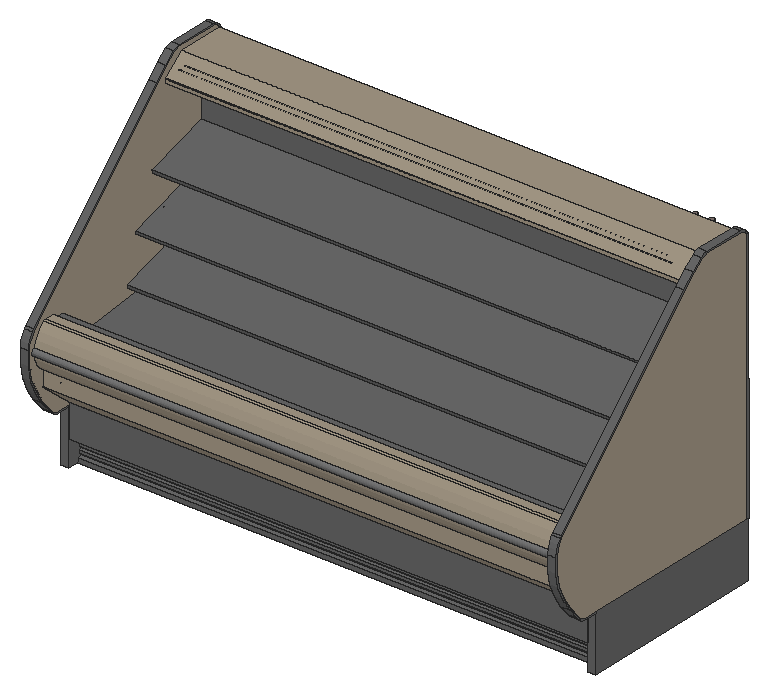
Revit family "O3.25UM_NRG -All - Linked Data", category Mechanical Equipment, Revit 2019
Family settings
  Round Connector Dimension = Use Radius
  Part Type = Normal
  OmniClass Number = 23.40.40.11.17
  OmniClass Title = Refrigerated Cases
  Work Plane-Based = Yes
  Always vertical = Yes
  Cut with Voids When Loaded = No
  Shared = No
  Room Calculation Point = No
Parameters (values of type "08' Dairy / Deli / Produce")
  Width = 43 1/4"  # constant formula
  URL = "http://www.hillphoenix.com/?s=o3.25um"
  TOP REFRIGERATION PIPING = yes
  TOP ELECTRICAL = yes
  Standard Power Watts = 23.8 W
  Standard Power Amps = 0.2 A
  Shelf distance = 48"
  STAINLESS STEEL = GALVANIZED STEEL
  Refgn = 12 3/8"
  RT STD END = yes
  REFRIGERATION PIPING = COPPER PIPE
  RUBBER BUMPER [instance] = BLACK
  REAR REFRIGERATION PIPING = yes
  PAINTED METAL UPPER SHELF = PAINTED SHELVES
  PAINTED METAL INTERIOR [instance] = GALVANIZED STEEL
  PAINTED METAL EXTERIOR [instance] = CHARCOAL BROWN
  Number of Shelf = 3
  Number of Fans = 2
  Model = "O3.25UM-NRG"  # constant formula
  Manufacturer = "HILL PHOENIX"  # constant formula
  Lights Per Row = 2
  Light Length = 48"
  Length = 96"
  Legend Number = Model  # "O3.25UM-NRG"
  LF STD END = yes
  Keynote = ""  # constant formula
  Item Description = Description  # "Multi-Deck Merchandiser with Synerg-E™"
  Island Timed-Off Termination Temp (°F) = 42 °F  # constant formula
  Island Timed-Off Fail-Safe (Min) = "30 (Min)"  # constant formula
  Island Superheat @ Bulb Set Point (°F) = "6-8 °F"  # constant formula
  Island Front Sill Height = "All"
  Island Evaporator (°F) = 28 °F
  Island Discharge Air(°F) = 31 °F
  Island Discharge Air Velocity (FPM) = 150 FPM  # constant formula
  Island BTUH Parallel = 840
  Island BTUH Conventional = 960
  Island Application = "Dairy / Deli / Produce"
  How Many Defrosts Per Day = 6  # constant formula
  High Power (Cornice) Watts = 43 W
  High Power (Cornice) Amps = 36 A
  High Efficiency Watts = 28 W
  High Efficiency Amps = 0.4 A
  Height = 57 7/8"  # constant formula
  GLASS = Glass
  Ends = yes
  EQUIPMENT MARK = Legend Number  # "O3.25UM-NRG"
  EQUIPMENT DESCRIPTION = Item Description  # "Multi-Deck Merchandiser with Synerg-E™"
  Description = "Multi-Deck Merchandiser with Synerg-E™"  # constant formula
  Default Elevation = 48"
  DRAIN PIPING = yes
  DESIGNERS NAME = "SHIDDRAMESH"  # constant formula
  DATE = "03/29/2016"  # constant formula
  Certifications = "NSF 7, UL471, CSA"  # constant formula
  DRAIN LINE = 48"
  BOTTOM REFRIGERATION PIPING = yes
  BOTTOM ELECTRICAL = yes
  BASE [instance] = BLACK PAINTED METAL
  Assembly Code = ""
  16" Shelf = yes
  14" Shelf = yes
  12" Shelf = yes
Types (9): name | Standard Power Watts | Standard Power Amps | Shelf distance | Refgn | Number of Fans | Lights Per Row | Light Length | Length | Island Front Sill Height | Island Evaporator (°F) | Island Discharge Air(°F) | Island BTUH Parallel | Island BTUH Conventional | Island Application | High Power (Cornice) Watts | High Power (Cornice) Amps | High Efficiency Watts | High Efficiency Amps | DRAIN LINE
  04' | 0 W | 0 A | 36" | 22 3/4" | 0 | 0 | 0" | 48" | "All" | 28 °F | 31 °F | 840 | 960 | "Dairy / Deli / Produce" | 0 W | 0 A | 0 W | 0 A | 36"
  06' | 0 W | 0 A | 36" | 28 5/8" | 0 | 0 | 0" | 72" | "All" | 28 °F | 31 °F | 840 | 960 | "Dairy / Deli / Produce" | 0 W | 0 A | 0 W | 0 A | 36"
  08' | 0 W | 0 A | 48" | 28 5/8" | 0 | 0 | 0" | 96" | "All" | 28 °F | 31 °F | 840 | 960 | "Dairy / Deli / Produce" | 0 W | 0 A | 0 W | 0 A | 48"
  12' | 0 W | 0 A | 48" | 28 5/8" | 0 | 0 | 0" | 144" | "All" | 28 °F | 31 °F | 840 | 960 | "Dairy / Deli / Produce" | 0 W | 0 A | 0 W | 0 A | 72"
  04' Dairy / Deli / Produce | 11.9 W | 0.1 A | 36" | 12 3/8" | 1 | 1 | 48" | 48" | "All" | 28 °F | 31 °F | 840 | 960 | "Dairy / Deli / Produce" | 21.5 W | 0.18 A | 14 W | 0.2 A | 36"
  06' Dairy / Deli / Produce | 16.6 W | 0.14 A | 36" | 12 3/8" | 2 | 2 | 36" | 72" | "All" | 28 °F | 31 °F | 840 | 960 | "Dairy / Deli / Produce" | 29.8 W | 0.25 A | 28 W | 0.4 A | 36"
  08' Dairy / Deli / Produce | 23.8 W | 0.2 A | 48" | 12 3/8" | 2 | 2 | 48" | 96" | "All" | 28 °F | 31 °F | 840 | 960 | "Dairy / Deli / Produce" | 43 W | 36 A | 28 W | 0.4 A | 48"
  12' Dairy / Deli / Produce | 35.7 W | 0.3 A | 48" | 12 3/8" | 3 | 3 | 48" | 144" | "All" | 28 °F | 31 °F | 840 | 960 | "Dairy / Deli / Produce" | 64.5 W | 0.54 A | 42 W | 0.6 A | 72"
  06' Meat | 16.6 W | 0.14 A | 36" | 28 5/8" | 2 | 2 | 36" | 72" | "Extended" | 26 °F | 30 °F | 830 | 949 | "Meat" | 29.8 W | 0.25 A | 28 W | 0.4 A | 36"
Reference planes (in)
  plane 1: z = 0.01963
  plane 2 "LEFT": x = 0
  plane 3 "CASE RIGHT": x = 96
  plane 4: z = 0
  plane 5: y = -15.80744
  plane 6: x = 97.5
  plane 7: x = 48
  plane 8: y = -59.05744
  plane 9: y = -28.18244
  plane 10: z = 57.875
  plane 11: z = 26.13417
  plane 12: through (-240, -28.36173, 54.2275) normal (0, 0.7071, 0.7071)
  plane 13: through (-240, -52.20319, 26.49613) normal (0, 0.7071, 0.7071)
  plane 14: z = 50.87177
  plane 15: z = 22.24677
Forms (in)
  Extrusion 1, solid, material "BLACK PAINTED METAL" <- "BASE"
    sketch origin (0, 0, 0) x (0, 1, 0) y (0, 0, 1)
      loop
        line (-15.80744, 0) -> (-15.80744, 11) -> (-47.53803, 11) -> (-47.53803, 0) -> (-45.69085, 0) -> (-45.69085, 2.94807) -> (-17.58744, 2.94807) -> (-17.58744, 0) -> (-15.80744, 0)
    from 0 to 96
  Extrusion 2, solid, material "CHARCOAL BROWN" <- "PAINTED METAL EXTERIOR"
    sketch origin (0, 0, 5.875) x (0, 1, 0) y (0, 0, 1)
      loop
        line (-17.80744, 50.17213) -> (-17.80744, 13.8096)
        arc (-17.80744, 13.8096) -> (-19.66972, 9.97927) -> (-23.598, 8.33364) r 6.03269
        line (-23.598, 8.33364) -> (-41.10205, 7.70434) -> (-43.19307, 6.18536) -> (-45.82363, 6.18536) -> (-48.10885, 7.45214)
        arc (-48.10885, 7.45214) -> (-52.38279, 9.03493) -> (-54.31151, 13.16433) r 6
        line (-54.31151, 13.16433) -> (-54.31151, 15.37312) -> (-56.31972, 15.37312) -> (-56.31972, 10.07189) -> (-50.42424, 5.125) -> (-15.80744, 5.125) -> (-15.80744, 50.17213) -> (-17.80744, 50.17213)
    from 0 to 96
  Extrusion 3, solid, material "GALVANIZED STEEL" <- "PAINTED METAL INTERIOR"
    sketch origin (0, 0, 5.875) x (0, 1, 0) y (0, 0, 1)
      loop
        arc (-19.82193, 18.53519) -> (-19.97069, 18.17606) -> (-20.32982, 18.0273) r 0.50789
        line (-20.32982, 18.0273) -> (-23.58275, 17.79983) -> (-23.59709, 18.00487) -> (-50.89707, 14.73431) -> (-51.11131, 14.65787) -> (-52.07193, 14.65787) -> (-52.07193, 20.48987) -> (-54.31151, 20.48987) -> (-54.31151, 13.16433)
        arc (-54.31151, 13.16433) -> (-52.37575, 9.02845) -> (-48.08972, 7.45284) r 6
        line (-48.08972, 7.45284) -> (-45.80324, 6.18536) -> (-43.17269, 6.18536) -> (-41.08167, 7.70434) -> (-23.59774, 8.33365)
        arc (-23.59774, 8.33365) -> (-19.66963, 9.97936) -> (-17.80744, 13.8096) r 6.03269
        line (-17.80744, 13.8096) -> (-17.80744, 16.37177) -> (-19.82193, 16.37177) -> (-19.82193, 18.53519)
    from 0 to 96
  Extrusion 4, solid, material "CHARCOAL BROWN" <- "PAINTED METAL EXTERIOR", visible <- "TOP REFRIGERATION PIPING"
    sketch origin (0, 0, 5.875) x (1, 0, 0) y (0, 1, 0)
      loop
        line (93, -15.80744) -> (93, -12.80744) -> (81, -12.80744) -> (81, -15.80744) -> (81.125, -15.80744) -> (81.125, -12.93244) -> (92.875, -12.93244) -> (92.875, -15.80744) -> (93, -15.80744)
    from 20.05479 to 49.38425
  Extrusion 5, solid, material "COPPER PIPE" <- "REFRIGERATION PIPING", visible <- "TOP REFRIGERATION PIPING"
    sketch origin (0, 0, 5.875) x (1, 0, 0) y (0, 1, 0)
      loop
        circle (87.125, -14.43244) r 0.375
      loop
        circle (90.125, -14.43244) r 0.5
    from 36.946 to 51.0895
  Extrusion 6, solid, material "BLACK PAINTED METAL" <- "BASE"
    sketch origin (0, -10.19973, -0.05412) x (0, 1, 0) y (0, 0, 1)
      loop
        line (-37.33829, 0.05412) -> (-37.33829, 6.06125) -> (-37.33829, 11.05412) -> (-40.22451, 11.05412) -> (-40.22451, 4.80412) -> (-37.51212, 4.80412)
        arc (-37.51212, 4.80412) -> (-37.6806, 4.58577) -> (-37.94668, 4.51326) r 0.43342
        line (-37.94668, 4.51326) -> (-37.94668, 4.00939) -> (-37.8698, 4.00939) -> (-37.45101, 4.08936) -> (-37.58838, 3.65476)
        arc (-37.58838, 3.65476) -> (-37.72442, 3.42905) -> (-37.9483, 3.29) r 0.56287
        line (-37.9483, 3.29) -> (-37.9483, 2.79) -> (-37.8698, 2.79) -> (-37.45101, 2.87496) -> (-37.58838, 2.43538)
        arc (-37.58838, 2.43538) -> (-37.72411, 2.20936) -> (-37.9483, 2.07063) r 0.55931
        line (-37.9483, 2.07063) -> (-37.9483, 1.57063) -> (-37.8698, 1.57063) -> (-37.45101, 1.65558) -> (-37.58838, 1.216)
        arc (-37.58838, 1.216) -> (-37.79235, 0.93603) -> (-38.12451, 0.83776) r 0.5396
        line (-38.12451, 0.83776) -> (-38.12451, 0.05412) -> (-37.33829, 0.05412)
    from 0 to 96
  Extrusion 7, solid, material "CHARCOAL BROWN" <- "PAINTED METAL EXTERIOR"
    sketch origin (0, -14.13723, 5.82088) x (0, 1, 0) y (0, 0, 1)
      loop
        line (-40.17428, 15.42724) -> (-40.17428, 20.54398) -> (-40.08842, 20.54398) -> (-40.08842, 21.30412) -> (-41.88342, 21.30412)
        arc (-41.88342, 21.30412) -> (-42.11934, 21.24969) -> (-42.32244, 21.1179) r 0.69761
        arc (-42.32244, 21.1179) -> (-43.67325, 19.42434) -> (-44.44614, 17.4006) r 7.05071
        arc (-44.44614, 17.4006) -> (-44.16727, 15.47655) -> (-43.17985, 13.80182) r 5.032
        line (-43.17985, 13.80182) -> (-42.18248, 13.80182) -> (-42.18248, 15.42724) -> (-40.17428, 15.42724)
    from 0 to 96
  Extrusion 8, solid, material "BLACK" <- "RUBBER BUMPER"
    sketch origin (0, -14.13796, 5.82088) x (0, 1, 0) y (0, 0, 1)
      loop
        arc (-44.37529, 17.69712) -> (-44.91948, 17.03227) -> (-44.38932, 16.35618) r 0.68704
        arc (-44.38932, 16.35618) -> (-44.44457, 16.87693) -> (-44.4454, 17.4006) r 5.032
        arc (-44.4454, 17.4006) -> (-44.41195, 17.54924) -> (-44.37529, 17.69712) r 7.05071
    from 0 to 96
  Extrusion 9, solid, material "GALVANIZED STEEL" <- "PAINTED METAL INTERIOR", visible <- "16" Shelf"
    sketch origin (0, 0, 17.72288) x (0, 1, 0) y (0, 0, 1)
      loop
        line (-19.82193, 12.03629) -> (-37.03542, 6.7736) -> (-36.87169, 6.23807) -> (-30.92951, 8.05478) -> (-30.83385, 7.94238) -> (-23.44344, 9.22627)
        arc (-23.44344, 9.22627) -> (-22.75154, 9.24918) -> (-22.07989, 9.08147) r 2.5
        line (-22.07989, 9.08147) -> (-21.24148, 8.7431)
        arc (-21.24148, 8.7431) -> (-20.90216, 8.67103) -> (-20.55864, 8.71922) r 1
        line (-20.55864, 8.71922) -> (-19.82193, 8.95823) -> (-19.82193, 12.03629)
    from 0 to 96
  Extrusion 10, solid, material "GALVANIZED STEEL" <- "PAINTED METAL INTERIOR", visible <- "12" Shelf"
    sketch origin (0, 0, 1.375) x (0, 1, 0) y (0, 0, 1)
      loop
        line (-19.82193, 40.02801) -> (-19.82193, 43.10705) -> (-31.29759, 39.59859) -> (-31.13386, 39.06306) -> (-28.91038, 39.74285) -> (-28.81473, 39.63045) -> (-23.39078, 40.31313)
        arc (-23.39078, 40.31313) -> (-22.69889, 40.33604) -> (-22.02724, 40.16833) r 2.5
        line (-22.02724, 40.16833) -> (-21.18883, 39.82996)
        arc (-21.18883, 39.82996) -> (-20.84951, 39.75789) -> (-20.50599, 39.80609) r 1
        line (-20.50599, 39.80609) -> (-19.82193, 40.02801)
    from 0 to 96
  Extrusion 11, solid, material "CHARCOAL BROWN" <- "PAINTED METAL EXTERIOR", visible <- "LF STD END"
    sketch origin (0, 0, 5.875) x (0, 1, 0) y (0, 0, 1)
      loop
        arc (-54.30554, 5.30373) -> (-53.53283, 4.71081) -> (-52.58194, 4.5) r 2.25
        line (-52.58194, 4.5) -> (-15.43244, 4.5) -> (-15.43244, 51.1826)
        arc (-15.43244, 51.1826) -> (-15.87178, 52.24326) -> (-16.93244, 52.6826) r 1.5
        line (-16.93244, 52.6826) -> (-24.68244, 52.6826)
        arc (-24.68244, 52.6826) -> (-25.28389, 52.51281) -> (-25.83448, 52.21714) r 2.87668
        line (-25.83448, 52.21714) -> (-27.71747, 50.69233)
        arc (-27.71747, 50.69233) -> (-28.83424, 49.73852) -> (-29.89955, 48.72758) r 28.05219
        line (-29.89955, 48.72758) -> (-58.20493, 20.4222)
        arc (-58.20493, 20.4222) -> (-58.31628, 20.2865) -> (-58.42638, 20.14979) r 19.17073
        arc (-58.42638, 20.14979) -> (-59.13014, 18.93938) -> (-59.45361, 17.57713) r 4.78731
        arc (-59.45361, 17.57713) -> (-58.8773, 12.34726) -> (-56.34554, 7.73491) r 13.5
        line (-56.34554, 7.73491) -> (-54.30554, 5.30373)
    from 0 to -1.5
  Extrusion 12, solid, material "BLACK PAINTED METAL" <- "BASE", visible <- "LF STD END"
    sketch origin (0, 0, 5.875) x (0, 1, 0) y (0, 0, 1)
      loop
        line (-54.30554, 5.30373) -> (-56.34554, 7.73491)
        arc (-56.34554, 7.73491) -> (-58.8773, 12.34726) -> (-59.45361, 17.57713) r 13.5
        arc (-59.45361, 17.57713) -> (-59.13014, 18.93938) -> (-58.42638, 20.14979) r 4.78731
        arc (-58.42638, 20.14979) -> (-58.31628, 20.2865) -> (-58.20493, 20.4222) r 19.17073
        line (-58.20493, 20.4222) -> (-29.89955, 48.72758)
        arc (-29.89955, 48.72758) -> (-28.83424, 49.73852) -> (-27.71747, 50.69233) r 28.05219
        line (-27.71747, 50.69233) -> (-25.83448, 52.21714)
        arc (-25.83448, 52.21714) -> (-25.28389, 52.51281) -> (-24.68244, 52.6826) r 2.87668
        line (-24.68244, 52.6826) -> (-16.93244, 52.6826)
        arc (-16.93244, 52.6826) -> (-15.87178, 52.24326) -> (-15.43244, 51.1826) r 1.5
        line (-15.43244, 51.1826) -> (-15.43244, 4.5) -> (-15.18244, 4.5) -> (-15.18244, 51.1826)
        arc (-15.18244, 51.1826) -> (-15.695, 52.42004) -> (-16.93244, 52.9326) r 1.75
        line (-16.93244, 52.9326) -> (-24.70284, 52.9326)
        arc (-24.70284, 52.9326) -> (-25.37236, 52.7467) -> (-25.98429, 52.41752) r 3.12668
        line (-25.98429, 52.41752) -> (-27.8748, 50.88662)
        arc (-27.8748, 50.88662) -> (-29.00152, 49.92431) -> (-30.07633, 48.90435) r 28.30219
        line (-30.07633, 48.90435) -> (-58.38996, 20.59072)
        arc (-58.38996, 20.59072) -> (-58.50656, 20.44876) -> (-58.6218, 20.3057) r 19.42073
        arc (-58.6218, 20.3057) -> (-59.36232, 19.03209) -> (-59.70268, 17.59869) r 5.03731
        arc (-59.70268, 17.59869) -> (-59.1157, 12.27198) -> (-56.53705, 7.57421) r 13.75
        line (-56.53705, 7.57421) -> (-54.49705, 5.14303)
        arc (-54.49705, 5.14303) -> (-53.63848, 4.48423) -> (-52.58194, 4.25) r 2.5
        line (-52.58194, 4.25) -> (-50.42424, 4.25) -> (-50.42424, 4.5) -> (-52.58194, 4.5)
        arc (-52.58194, 4.5) -> (-53.53283, 4.71081) -> (-54.30554, 5.30373) r 2.25
    from 0 to -1.5
  Extrusion 13, solid, material "BLACK PAINTED METAL" <- "BASE", visible <- "LF STD END"
    sketch origin (0, 0, 0) x (0, 1, 0) y (0, 0, 1)
      loop
        line (-50.42424, 10.375) -> (-50.42424, 0) -> (-15.18244, 0) -> (-15.18244, 10.375) -> (-50.42424, 10.375)
    from 0 to -1.5
  Extrusion 14, solid, material "CHARCOAL BROWN" <- "PAINTED METAL EXTERIOR", visible <- "RT STD END"
    sketch origin (115, 0, 5.875) x (0, 1, 0) y (0, 0, 1)
      loop
        arc (-54.30554, 5.30373) -> (-53.53283, 4.71081) -> (-52.58194, 4.5) r 2.25
        line (-52.58194, 4.5) -> (-15.43244, 4.5) -> (-15.43244, 51.1826)
        arc (-15.43244, 51.1826) -> (-15.87178, 52.24326) -> (-16.93244, 52.6826) r 1.5
        line (-16.93244, 52.6826) -> (-24.68244, 52.6826)
        arc (-24.68244, 52.6826) -> (-25.28389, 52.51281) -> (-25.83448, 52.21714) r 2.87668
        line (-25.83448, 52.21714) -> (-27.71747, 50.69233)
        arc (-27.71747, 50.69233) -> (-28.83424, 49.73852) -> (-29.89955, 48.72758) r 28.05219
        line (-29.89955, 48.72758) -> (-58.20493, 20.4222)
        arc (-58.20493, 20.4222) -> (-58.31628, 20.2865) -> (-58.42638, 20.14979) r 19.17073
        arc (-58.42638, 20.14979) -> (-59.13014, 18.93938) -> (-59.45361, 17.57713) r 4.78731
        arc (-59.45361, 17.57713) -> (-58.8773, 12.34726) -> (-56.34554, 7.73491) r 13.5
        line (-56.34554, 7.73491) -> (-54.30554, 5.30373)
    from -17.5 to -19
  Extrusion 15, solid, material "BLACK PAINTED METAL" <- "BASE", visible <- "RT STD END"
    sketch origin (115, 0, 0) x (0, 1, 0) y (0, 0, 1)
      loop
        line (-50.42424, 10.375) -> (-50.42424, 0) -> (-15.18244, 0) -> (-15.18244, 10.375) -> (-50.42424, 10.375)
    from -17.5 to -19
  Extrusion 16, solid, material "GALVANIZED STEEL" <- "PAINTED METAL INTERIOR", visible <- "14" Shelf"
    sketch origin (0, 0, -5.92745) x (0, 1, 0) y (0, 0, 1)
      loop
        line (-19.82193, 40.02801) -> (-19.82193, 43.10705) -> (-35.12281, 38.42911) -> (-34.95908, 37.89358) -> (-28.91038, 39.74285) -> (-28.81473, 39.63045) -> (-23.39078, 40.31313)
        arc (-23.39078, 40.31313) -> (-22.69889, 40.33604) -> (-22.02724, 40.16833) r 2.5
        line (-22.02724, 40.16833) -> (-21.18883, 39.82996)
        arc (-21.18883, 39.82996) -> (-20.84951, 39.75789) -> (-20.50599, 39.80609) r 1
        line (-20.50599, 39.80609) -> (-19.82193, 40.02801)
    from 0 to 96
  Extrusion 17, solid, material "GALVANIZED STEEL"
    sketch origin (0, 0, 9.875) x (0, 1, 0) y (0, 0, 1)
      loop
        line (-17.80744, 44.88417) -> (-19.82193, 44.88417) -> (-19.82193, 12.37177) -> (-17.80744, 12.37177) -> (-17.80744, 44.88417)
    from 0 to 96
  Extrusion 18, solid
    sketch origin (0, -9.0638, 13.86783) x (0, 1, 0) y (0, 0, 1)
      loop
        circle (-14.04788, 41.33455) r 0.5625
      loop
        circle (-15.51988, 41.33455) r 0.5625
    from 0 to 96
  Extrusion 19, solid, material "GALVANIZED STEEL" <- "PAINTED METAL INTERIOR"
    sketch origin (0, -5.33418, 12.3728) x (0, 1, 0) y (0, 0, 1)
      loop
        line (-15.1421, 42.53616) -> (-16.03819, 42.41717)
        arc (-16.03819, 42.41717) -> (-16.05872, 42.40528) -> (-16.06484, 42.38236) r 0.031
        line (-16.06484, 42.38236) -> (-16.02437, 42.07759) -> (-15.55467, 38.73549) -> (-15.51552, 38.45693) -> (-14.58714, 38.5874) -> (-15.1421, 42.53616)
    from 0 to 96
  Extrusion 20, solid, material "CHARCOAL BROWN" <- "PAINTED METAL EXTERIOR"
    sketch origin (0, -0.0013, 9.92963) x (0, 1, 0) y (0, 0, 1)
      loop
        line (-15.80614, 46.1175) -> (-15.80614, 47.94537) -> (-24.38075, 47.94537) -> (-28.15779, 44.88679) -> (-28.18114, 44.83782) -> (-28.18114, 44.11857) -> (-27.5874, 44.11857) -> (-27.5874, 44.19463) -> (-27.13478, 44.19463) -> (-27.09675, 44.20822) -> (-25.33935, 45.64822) -> (-25.31738, 45.69463) -> (-25.31738, 46.13263) -> (-25.28438, 46.16563) -> (-21.0809, 46.16563) -> (-20.13326, 45.03628) -> (-19.94451, 45.09458) -> (-19.86265, 44.82954) -> (-17.80614, 44.82954) -> (-17.80614, 46.1175) -> (-15.80614, 46.1175)
    from 0 to 96
  Extrusion 21, solid
    sketch origin (0, 0, 9.75) x (0, 1, 0) y (0, 0, 1)
      loop
        line (-19.87444, 44.91816) -> (-20.25663, 44.80012) -> (-20.36557, 45.15282)
        arc (-20.36557, 45.15282) -> (-20.39137, 45.18674) -> (-20.43297, 45.19599) r 0.062
        line (-20.43297, 45.19599) -> (-21.37645, 45.0707)
        arc (-21.37645, 45.0707) -> (-21.41752, 45.04693) -> (-21.42975, 45.00108) r 0.062
        line (-21.42975, 45.00108) -> (-21.38947, 44.69774) -> (-21.35874, 44.70183) -> (-21.39902, 45.00516)
        arc (-21.39902, 45.00516) -> (-21.3929, 45.02809) -> (-21.37237, 45.03997) r 0.031
        line (-21.37237, 45.03997) -> (-20.47628, 45.15896) -> (-19.92132, 41.2102) -> (-20.8497, 41.07973) -> (-20.88884, 41.35829) -> (-20.91974, 41.35395) -> (-20.88491, 41.10608)
        arc (-20.88491, 41.10608) -> (-20.862, 41.06604) -> (-20.8178, 41.05279) r 0.0622
        line (-20.8178, 41.05279) -> (-19.82193, 41.19266) -> (-19.82193, 44.88417) -> (-19.86394, 44.88417) -> (-19.87444, 44.91816)
    from 0 to 96
  Extrusion 22, solid, material "BLACK PAINTED METAL" <- "BASE", visible <- "LF STD END"
    sketch origin (145.5, 0.00114, 5.875) x (0, 1, 0) y (0, 0, 1)
      loop
        line (-54.31686, 5.29945) -> (-56.34554, 7.73491)
        arc (-56.34554, 7.73491) -> (-58.8773, 12.34726) -> (-59.45361, 17.57713) r 13.5
        arc (-59.45361, 17.57713) -> (-59.13014, 18.93938) -> (-58.42638, 20.14979) r 4.78731
        arc (-58.42638, 20.14979) -> (-58.31628, 20.2865) -> (-58.20493, 20.4222) r 19.17073
        line (-58.20493, 20.4222) -> (-29.89955, 48.72758)
        arc (-29.89955, 48.72758) -> (-28.83424, 49.73852) -> (-27.71747, 50.69233) r 28.05219
        line (-27.71747, 50.69233) -> (-25.83448, 52.21714)
        arc (-25.83448, 52.21714) -> (-25.28389, 52.51281) -> (-24.68244, 52.6826) r 2.87668
        line (-24.68244, 52.6826) -> (-16.93244, 52.6826)
        arc (-16.93244, 52.6826) -> (-15.87178, 52.24326) -> (-15.43244, 51.1826) r 1.5
        line (-15.43244, 51.1826) -> (-15.43244, 4.5) -> (-15.18244, 4.5) -> (-15.18244, 51.1826)
        arc (-15.18244, 51.1826) -> (-15.695, 52.42004) -> (-16.93244, 52.9326) r 1.75
        line (-16.93244, 52.9326) -> (-24.70284, 52.9326)
        arc (-24.70284, 52.9326) -> (-25.37236, 52.7467) -> (-25.98429, 52.41752) r 3.12668
        line (-25.98429, 52.41752) -> (-27.8748, 50.88662)
        arc (-27.8748, 50.88662) -> (-29.00152, 49.92431) -> (-30.07633, 48.90435) r 28.30219
        line (-30.07633, 48.90435) -> (-58.38996, 20.59072)
        arc (-58.38996, 20.59072) -> (-58.50656, 20.44876) -> (-58.6218, 20.3057) r 19.42073
        arc (-58.6218, 20.3057) -> (-59.36232, 19.03209) -> (-59.70268, 17.59869) r 5.03731
        arc (-59.70268, 17.59869) -> (-59.1157, 12.27198) -> (-56.53705, 7.57421) r 13.75
        line (-56.53705, 7.57421) -> (-54.50837, 5.13875)
        arc (-54.50837, 5.13875) -> (-53.65177, 4.48309) -> (-52.59853, 4.25004) r 2.49647
        line (-52.59853, 4.25004) -> (-50.42436, 4.25004) -> (-50.42436, 4.50004) -> (-52.59853, 4.50004)
        arc (-52.59853, 4.50004) -> (-53.54612, 4.70967) -> (-54.31686, 5.29945) r 2.24647
    from -48 to -49.5
Lines and regions (in)
  model lines
    curve 1: line (0, -59.05744, 22.85508) -> (0, -58.9456, 22.85508)
    curve 2: line (0, -58.9456, 22.85508) -> (0, -59.05744, 22.85508)
    curve 3: line (0, -59.05744, 22.85508) -> (0, -59.05744, 22.66951)
    curve 4: line (0, -59.05744, 22.85508) -> (0, -59.05744, 22.64988)
Dimensions and locks (in)
  "Length": plane 2 "LEFT" to plane 3 "CASE RIGHT"
  "DRAIN LINE": plane 2 "LEFT" to plane 7
  locked: plane 3 "CASE RIGHT" to plane 6 at 1.5
  "Width": plane 5 to plane 8
  "Refgn": plane 9 to plane 5
  plane 3 "CASE RIGHT" to plane 2 "LEFT" = 96"
  Extrusion 13 to Extrusion 2 = 11"
  "Height": Extrusion 13 to plane 10
  Extrusion 2 to Extrusion 20 = 8.57461"
  Extrusion 10 to Extrusion 10 = 12"
  Extrusion 16 to Extrusion 16 = 16"
  Extrusion 9 to Extrusion 9 = 18"
  Extrusion 17 to Extrusion 3 = 32 1/4"
  Extrusion 7 to level = 27 1/8"
  curve 2 to level = 22.85508"
  Extrusion 1 to Extrusion 6 = 32.5168"
  Extrusion 1 to Extrusion 6 = 31.73059"
  plane 12 to plane 13 = 36.4675"
  plane 15 to plane 14 = 28 5/8"
  aligned and locked: plane 3 "CASE RIGHT" to Extrusion 3
  aligned and locked: Extrusion 2 to plane 3 "CASE RIGHT"
  aligned and locked: plane 3 "CASE RIGHT" to Extrusion 1
  aligned and locked: Extrusion 8 to Extrusion 6
  aligned and locked: Extrusion 7 to Extrusion 6
  aligned and locked: Extrusion 7 to plane 3 "CASE RIGHT"
  aligned and locked: plane 3 "CASE RIGHT" to Extrusion 9
  aligned and locked: plane 3 "CASE RIGHT" to Extrusion 10
  aligned and locked: Extrusion 14 to plane 3 "CASE RIGHT"
  aligned and locked: Extrusion 14 to plane 6
  aligned and locked: Extrusion 15 to plane 3 "CASE RIGHT"
  aligned and locked: plane 6 to Extrusion 15
  aligned and locked: plane 3 "CASE RIGHT" to Extrusion 16
  aligned and locked: plane 3 "CASE RIGHT" to Extrusion 18
  aligned and locked: Extrusion 19 to Extrusion 14
  aligned and locked: Extrusion 17 to Extrusion 14
  aligned and locked: Extrusion 21 to Extrusion 14
  aligned and locked: Extrusion 20 to Extrusion 14
  aligned and locked: Extrusion 22 to plane 6
  aligned and locked: Extrusion 22 to Extrusion 14
  aligned and locked: Extrusion 20 sketch curve to plane 5
Automatic sketch dimensions
  Extrusion 1 sketch curve to level = 0"  (x4)
  Extrusion 1 sketch curve to plane 5 = 0"
  plane 5 to Extrusion 1 sketch curve = 1.78"
  plane 1 to Extrusion 1 sketch curve = 2.92844"
  Extrusion 1 sketch curve to plane 8 = 13.36659"
  Extrusion 1 sketch curve to Extrusion 1 sketch curve = 1.84718"
  Extrusion 1 sketch curve to Extrusion 1 sketch curve = 8.05193"
  Extrusion 2 sketch curve to plane 5 = 0"
  plane 5 to Extrusion 2 sketch curve = 2"
  Extrusion 2 sketch curve to plane 9 = 4.58444"
  Extrusion 2 sketch curve to plane 9 = 4.3677"
  plane 9 to Extrusion 2 sketch curve = 12.91962"
  plane 1 to Extrusion 2 sketch curve = 12.04073"
  Extrusion 2 sketch curve to Extrusion 2 sketch curve = 2.09102"
  Extrusion 2 sketch curve to Extrusion 2 sketch curve = 2.63055"
  Extrusion 2 sketch curve to Extrusion 2 sketch curve = 2.28522"
  Extrusion 2 sketch curve to Extrusion 2 sketch curve = 0.2094"
  Extrusion 2 sketch curve to Extrusion 2 sketch curve = 2.3154"
  Extrusion 2 sketch curve to plane 8 = 4.74592"
  Extrusion 2 sketch curve to plane 8 = 2.73772"
  Extrusion 2 sketch curve to Extrusion 2 sketch curve = 1.06036"
  Extrusion 2 sketch curve to Extrusion 2 sketch curve = 1.26678"
  Extrusion 2 sketch curve to Extrusion 2 sketch curve = 1.51898"
  plane 1 to Extrusion 2 sketch curve = 14.18901"
  Extrusion 2 sketch curve to Extrusion 2 sketch curve = 4.94689"
  Extrusion 2 sketch curve to Extrusion 2 sketch curve = 3.09244"
  Extrusion 2 sketch curve to Extrusion 2 sketch curve = 5.47596"
  Extrusion 2 sketch curve to Extrusion 2 sketch curve = 2.20879"
  Extrusion 3 sketch curve to plane 8 = 4.74592"
  Extrusion 3 sketch curve to Extrusion 3 sketch curve = 2.23958"
  Extrusion 3 sketch curve to Extrusion 3 sketch curve = 0.96062"
  Extrusion 3 sketch curve to Extrusion 3 sketch curve = 0.21424"
  Extrusion 3 sketch curve to Extrusion 3 sketch curve = 2.57882"
  Extrusion 3 sketch curve to Extrusion 3 sketch curve = 0.22853"
  plane 1 to Extrusion 3 sketch curve = 12.04073"
  Extrusion 3 sketch curve to Extrusion 3 sketch curve = 2.28648"
  Extrusion 3 sketch curve to Extrusion 3 sketch curve = 2.63055"
  Extrusion 3 sketch curve to Extrusion 3 sketch curve = 2.09102"
  Extrusion 3 sketch curve to plane 9 = 4.3677"
  Extrusion 3 sketch curve to plane 9 = 4.58469"
  Extrusion 3 sketch curve to Extrusion 3 sketch curve = 0.21765"
  Extrusion 3 sketch curve to Extrusion 3 sketch curve = 0.01434"
  Extrusion 3 sketch curve to Extrusion 3 sketch curve = 3.25293"
  Extrusion 3 sketch curve to Extrusion 3 sketch curve = 0.50789"
  plane 5 to Extrusion 3 sketch curve = 2"
  Extrusion 3 sketch curve to Extrusion 3 sketch curve = 1.26748"
  Extrusion 3 sketch curve to Extrusion 3 sketch curve = 1.51898"
  plane 1 to Extrusion 3 sketch curve = 14.18902"
  Extrusion 3 sketch curve to Extrusion 3 sketch curve = 5.71149"
  Extrusion 3 sketch curve to Extrusion 3 sketch curve = 5.47595"
  Extrusion 3 sketch curve to Extrusion 3 sketch curve = 1.20938"
  Extrusion 3 sketch curve to Extrusion 3 sketch curve = 0.07644"
  Extrusion 3 sketch curve to Extrusion 3 sketch curve = 2.56217"
  Extrusion 3 sketch curve to Extrusion 3 sketch curve = 3.4374"
  Extrusion 3 sketch curve to Extrusion 3 sketch curve = 0.20504"
  Extrusion 3 sketch curve to Extrusion 3 sketch curve = 5.832"
  plane 5 to Extrusion 4 sketch curve = 0"  (x2)
  Extrusion 4 sketch curve to plane 3 "CASE RIGHT" = 15"
  Extrusion 4 sketch curve to Extrusion 4 sketch curve = 1/8"  (x3)
  Extrusion 4 sketch curve to plane 3 "CASE RIGHT" = 3 1/8"
  Extrusion 4 sketch curve to plane 5 = 2 7/8"
  Extrusion 5 sketch curve to plane 5 = 1 3/8"  (x2)
  Extrusion 5 sketch curve to plane 3 "CASE RIGHT" = 8 7/8"
  Extrusion 5 sketch curve to Extrusion 5 sketch curve = 3"
  Extrusion 7 sketch curve to plane 8 = 1.74036"
  Extrusion 7 sketch curve to Extrusion 7 sketch curve = 0.99736"
  Extrusion 7 sketch curve to plane 8 = 3.03679"
  Extrusion 7 sketch curve to Extrusion 7 sketch curve = 0.03649"
  Extrusion 7 sketch curve to Extrusion 7 sketch curve = 2.0082"
  Extrusion 7 sketch curve to Extrusion 7 sketch curve = 0.08586"
  Extrusion 7 sketch curve to Extrusion 7 sketch curve = 0.75374"
  Extrusion 7 sketch curve to Extrusion 7 sketch curve = 1.86936"
  plane 1 to Extrusion 7 sketch curve = 19.60307"
  Extrusion 7 sketch curve to Extrusion 7 sketch curve = 1.62542"
  Extrusion 7 sketch curve to Extrusion 7 sketch curve = 0.49956"
  Extrusion 7 sketch curve to Extrusion 7 sketch curve = 1.71953"
  Extrusion 7 sketch curve to Extrusion 7 sketch curve = 3.39722"
  Extrusion 7 sketch curve to Extrusion 7 sketch curve = 0.06348"
  Extrusion 7 sketch curve to Extrusion 7 sketch curve = 0.76013"
  Extrusion 7 sketch curve to Extrusion 7 sketch curve = 2.26365"
  Extrusion 9 sketch curve to Extrusion 9 sketch curve = 0.16373"
  plane 9 to Extrusion 9 sketch curve = 2.74707"
  Extrusion 9 sketch curve to Extrusion 9 sketch curve = 0.09566"
  Extrusion 9 sketch curve to Extrusion 9 sketch curve = 0.4279"
  Extrusion 9 sketch curve to Extrusion 9 sketch curve = 1.36355"
  Extrusion 9 sketch curve to Extrusion 9 sketch curve = 0.8384"
  Extrusion 9 sketch curve to Extrusion 9 sketch curve = 0.37426"
  Extrusion 9 sketch curve to Extrusion 9 sketch curve = 0.68285"
  Extrusion 9 sketch curve to Extrusion 9 sketch curve = 1.0453"
  Extrusion 9 sketch curve to Extrusion 9 sketch curve = 0.52509"
  Extrusion 9 sketch curve to Extrusion 9 sketch curve = 0.1124"
  Extrusion 9 sketch curve to Extrusion 9 sketch curve = 1.95607"
  Extrusion 9 sketch curve to Extrusion 9 sketch curve = 0.02387"
  Extrusion 9 sketch curve to Extrusion 9 sketch curve = 0.239"
  Extrusion 9 sketch curve to Extrusion 9 sketch curve = 0.33837"
  plane 9 to Extrusion 10 sketch curve = 3.11515"
  Extrusion 10 sketch curve to Extrusion 10 sketch curve = 0.16373"
  plane 9 to Extrusion 10 sketch curve = 0.72794"
  Extrusion 10 sketch curve to Extrusion 10 sketch curve = 0.09566"
  Extrusion 10 sketch curve to plane 9 = 4.79165"
  Extrusion 10 sketch curve to Extrusion 10 sketch curve = 0.4279"
  Extrusion 10 sketch curve to Extrusion 10 sketch curve = 1.36355"
  Extrusion 10 sketch curve to Extrusion 10 sketch curve = 0.8384"
  Extrusion 10 sketch curve to Extrusion 10 sketch curve = 0.37426"
  Extrusion 10 sketch curve to Extrusion 10 sketch curve = 0.68285"
  Extrusion 10 sketch curve to Extrusion 10 sketch curve = 0.99264"
  Extrusion 10 sketch curve to Extrusion 10 sketch curve = 1.21304"
  Extrusion 10 sketch curve to Extrusion 10 sketch curve = 0.53553"
  Extrusion 10 sketch curve to Extrusion 10 sketch curve = 0.1124"
  Extrusion 10 sketch curve to Extrusion 10 sketch curve = 1.95607"
  Extrusion 10 sketch curve to Extrusion 10 sketch curve = 0.02387"
  Extrusion 10 sketch curve to Extrusion 10 sketch curve = 0.22192"
  Extrusion 10 sketch curve to Extrusion 10 sketch curve = 0.33837"
  Extrusion 11 sketch curve to plane 8 = 0.85251"
  Extrusion 11 sketch curve to plane 8 = 2.7119"
  Extrusion 11 sketch curve to plane 8 = 4.37329"
  Extrusion 11 sketch curve to Extrusion 11 sketch curve = 2.04"
  Extrusion 11 sketch curve to Extrusion 11 sketch curve = 1.7236"
  Extrusion 11 sketch curve to Extrusion 11 sketch curve = 8.68021"
  Extrusion 11 sketch curve to Extrusion 11 sketch curve = 2.56328"
  plane 9 to Extrusion 11 sketch curve = 1.71711"
  Extrusion 11 sketch curve to plane 9 = 0.46496"
  Extrusion 11 sketch curve to plane 9 = 2.34795"
  Extrusion 11 sketch curve to Extrusion 11 sketch curve = 1.15205"
  plane 5 to Extrusion 11 sketch curve = 1 1/8"
  Extrusion 11 sketch curve to plane 5 = 3/8"
  Extrusion 11 sketch curve to plane 5 = 5.74378"
  Extrusion 11 sketch curve to Extrusion 11 sketch curve = 22.29092"
  plane 1 to Extrusion 11 sketch curve = 26.27757"
  Extrusion 11 sketch curve to Extrusion 11 sketch curve = 3.25805"
  Extrusion 11 sketch curve to Extrusion 11 sketch curve = 0.75161"
  level to Extrusion 11 sketch curve = 14.06882"
  plane 1 to Extrusion 11 sketch curve = 13.59027"
  Extrusion 11 sketch curve to Extrusion 11 sketch curve = 0.98491"
  Extrusion 11 sketch curve to Extrusion 11 sketch curve = 1.44627"
  Extrusion 11 sketch curve to Extrusion 11 sketch curve = 0"
  Extrusion 13 sketch curve to level = 0"
  Extrusion 13 sketch curve to plane 8 = 8.63319"
  Extrusion 13 sketch curve to plane 5 = 5/8"
  plane 1 to Extrusion 13 sketch curve = 10.35537"
  Extrusion 14 sketch curve to plane 8 = 0.85251"
  Extrusion 14 sketch curve to plane 8 = 2.7119"
  Extrusion 14 sketch curve to plane 8 = 4.37329"
  Extrusion 14 sketch curve to Extrusion 14 sketch curve = 2.04"
  Extrusion 14 sketch curve to Extrusion 14 sketch curve = 1.7236"
  Extrusion 14 sketch curve to Extrusion 14 sketch curve = 8.68021"
  Extrusion 14 sketch curve to Extrusion 14 sketch curve = 2.56328"
  plane 9 to Extrusion 14 sketch curve = 1.71711"
  Extrusion 14 sketch curve to plane 9 = 0.46496"
  Extrusion 14 sketch curve to plane 9 = 2.34795"
  Extrusion 14 sketch curve to Extrusion 14 sketch curve = 1.15205"
  plane 5 to Extrusion 14 sketch curve = 1 1/8"
  Extrusion 14 sketch curve to plane 5 = 3/8"
  Extrusion 14 sketch curve to plane 5 = 5.74378"
  Extrusion 14 sketch curve to Extrusion 14 sketch curve = 22.29092"
  plane 1 to Extrusion 14 sketch curve = 26.27757"
  Extrusion 14 sketch curve to Extrusion 14 sketch curve = 3.25805"
  Extrusion 14 sketch curve to Extrusion 14 sketch curve = 0.75161"
  level to Extrusion 14 sketch curve = 14.06882"
  plane 1 to Extrusion 14 sketch curve = 13.59027"
  Extrusion 14 sketch curve to Extrusion 14 sketch curve = 0.98491"
  Extrusion 14 sketch curve to Extrusion 14 sketch curve = 1.44627"
  Extrusion 14 sketch curve to Extrusion 14 sketch curve = 0"
  Extrusion 15 sketch curve to level = 0"
  Extrusion 15 sketch curve to plane 8 = 8.63319"
  Extrusion 15 sketch curve to plane 5 = 5/8"
  plane 1 to Extrusion 15 sketch curve = 10.35537"
  Extrusion 16 sketch curve to Extrusion 16 sketch curve = 0.16373"
  plane 9 to Extrusion 16 sketch curve = 0.72794"
  Extrusion 16 sketch curve to Extrusion 16 sketch curve = 0.09566"
  Extrusion 16 sketch curve to Extrusion 16 sketch curve = 0.4279"
  Extrusion 16 sketch curve to Extrusion 16 sketch curve = 1.36355"
  Extrusion 16 sketch curve to Extrusion 16 sketch curve = 0.8384"
  Extrusion 16 sketch curve to Extrusion 16 sketch curve = 0.37426"
  Extrusion 16 sketch curve to Extrusion 16 sketch curve = 0.68285"
  Extrusion 16 sketch curve to Extrusion 16 sketch curve = 0.99264"
  Extrusion 16 sketch curve to Extrusion 16 sketch curve = 0.04356"
  Extrusion 16 sketch curve to Extrusion 16 sketch curve = 0.1124"
  Extrusion 16 sketch curve to Extrusion 16 sketch curve = 1.95607"
  Extrusion 16 sketch curve to Extrusion 16 sketch curve = 0.02387"
  Extrusion 16 sketch curve to Extrusion 16 sketch curve = 0.22192"
  Extrusion 16 sketch curve to Extrusion 16 sketch curve = 0.33837"
  plane 5 to Extrusion 17 sketch curve = 4.01449"
  plane 5 to Extrusion 17 sketch curve = 2"
  plane 1 to Extrusion 17 sketch curve = 22.22714"
  Extrusion 18 sketch curve to plane 9 = 3.59876"
  Extrusion 18 sketch curve to Extrusion 18 sketch curve = 1.472"
  Extrusion 18 sketch curve to Extrusion 18 sketch curve = 0"
  plane 5 to Extrusion 19 sketch curve = 5.59158"
  Extrusion 19 sketch curve to Extrusion 19 sketch curve = 0.02665"
  Extrusion 19 sketch curve to Extrusion 19 sketch curve = 0.03073"  (x2)
  Extrusion 19 sketch curve to Extrusion 19 sketch curve = 0.04047"
  Extrusion 19 sketch curve to Extrusion 19 sketch curve = 0.4697"
  Extrusion 19 sketch curve to Extrusion 19 sketch curve = 0.03915"
  Extrusion 19 sketch curve to Extrusion 19 sketch curve = 0.89609"
  Extrusion 19 sketch curve to Extrusion 19 sketch curve = 0.92838"
  Extrusion 19 sketch curve to Extrusion 19 sketch curve = 0.30477"
  Extrusion 19 sketch curve to Extrusion 19 sketch curve = 3.3421"
  Extrusion 19 sketch curve to Extrusion 19 sketch curve = 0.14809"
  Extrusion 21 sketch curve to Extrusion 21 sketch curve = 0"  (x3)
  plane 5 to Extrusion 21 sketch curve = 5.62231"
  Extrusion 21 sketch curve to Extrusion 21 sketch curve = 0.03073"  (x3)
  Extrusion 21 sketch curve to Extrusion 21 sketch curve = 0.04028"
  Extrusion 21 sketch curve to Extrusion 21 sketch curve = 0.02257"
  Extrusion 21 sketch curve to Extrusion 21 sketch curve = 0.00408"  (x4)
  Extrusion 21 sketch curve to Extrusion 21 sketch curve = 0.439"
  Extrusion 21 sketch curve to Extrusion 21 sketch curve = 0.0309"
  Extrusion 21 sketch curve to Extrusion 21 sketch curve = 0.03484"
  Extrusion 21 sketch curve to Extrusion 21 sketch curve = 0.03521"
  Extrusion 21 sketch curve to Extrusion 21 sketch curve = 0.02638"
  Extrusion 21 sketch curve to Extrusion 21 sketch curve = 0.03189"
  Extrusion 21 sketch curve to Extrusion 21 sketch curve = 0.89609"
  Extrusion 21 sketch curve to Extrusion 21 sketch curve = 0.04331"
  Extrusion 21 sketch curve to Extrusion 21 sketch curve = 0.05148"
  Extrusion 21 sketch curve to Extrusion 21 sketch curve = 0.05924"
  Extrusion 21 sketch curve to Extrusion 21 sketch curve = 0.10894"
  Extrusion 21 sketch curve to Extrusion 21 sketch curve = 0.90199"
  Extrusion 21 sketch curve to Extrusion 21 sketch curve = 0.38219"
  Extrusion 21 sketch curve to Extrusion 21 sketch curve = 0.0105"
  Extrusion 21 sketch curve to Extrusion 21 sketch curve = 0.04201"
  Extrusion 21 sketch curve to Extrusion 21 sketch curve = 0.23466"
  Extrusion 21 sketch curve to Extrusion 21 sketch curve = 0.30334"
  Extrusion 21 sketch curve to Extrusion 21 sketch curve = 3.34353"
  Extrusion 21 sketch curve to Extrusion 21 sketch curve = 0.00434"
  Extrusion 21 sketch curve to Extrusion 21 sketch curve = 0.14809"
  Extrusion 21 sketch curve to Extrusion 21 sketch curve = 0.01754"
  Extrusion 21 sketch curve to Extrusion 21 sketch curve = 0.03501"
  Extrusion 21 sketch curve to Extrusion 21 sketch curve = 0.02636"
  Extrusion 21 sketch curve to Extrusion 21 sketch curve = 0.02444"
  Extrusion 20 sketch curve to plane 9 = 0"
  Extrusion 20 sketch curve to plane 9 = 0.02335"
  Extrusion 20 sketch curve to plane 9 = 19/32"
  Extrusion 20 sketch curve to Extrusion 20 sketch curve = 0.45262"
  Extrusion 20 sketch curve to Extrusion 20 sketch curve = 0.03803"
  Extrusion 20 sketch curve to Extrusion 20 sketch curve = 1.7574"
  Extrusion 20 sketch curve to Extrusion 20 sketch curve = 0.02197"
  Extrusion 20 sketch curve to Extrusion 20 sketch curve = 0.033"  (x2)
  Extrusion 20 sketch curve to Extrusion 20 sketch curve = 0.90363"
  Extrusion 20 sketch curve to Extrusion 20 sketch curve = 3.29984"
  Extrusion 20 sketch curve to Extrusion 20 sketch curve = 0.94764"
  Extrusion 20 sketch curve to Extrusion 20 sketch curve = 0.18876"
  Extrusion 20 sketch curve to Extrusion 20 sketch curve = 0.08186"
  plane 5 to Extrusion 20 sketch curve = 2"
  Extrusion 20 sketch curve to Extrusion 20 sketch curve = 1.82787"
  Extrusion 20 sketch curve to Extrusion 20 sketch curve = 0.438"
  Extrusion 20 sketch curve to Extrusion 20 sketch curve = 0.04641"
  Extrusion 20 sketch curve to Extrusion 20 sketch curve = 1.07105"
  Extrusion 20 sketch curve to Extrusion 20 sketch curve = 0.0583"
  Extrusion 20 sketch curve to Extrusion 20 sketch curve = 0.76143"
  Extrusion 20 sketch curve to Extrusion 20 sketch curve = 0.04896"
  Extrusion 20 sketch curve to Extrusion 20 sketch curve = 0.62961"
  Extrusion 20 sketch curve to Extrusion 20 sketch curve = 0.01359"
  Extrusion 20 sketch curve to Extrusion 20 sketch curve = 0.07605"
  Extrusion 6 sketch curve to level = 0"
  Extrusion 6 sketch curve to plane 8 = 8.63319"
  Extrusion 6 sketch curve to Extrusion 6 sketch curve = 2.09944"
  plane 1 to Extrusion 6 sketch curve = 0.76401"
  Extrusion 6 sketch curve to Extrusion 6 sketch curve = 0.00057"
  Extrusion 6 sketch curve to Extrusion 6 sketch curve = 0.00285"
  Extrusion 6 sketch curve to Extrusion 6 sketch curve = 0.0211"
  Extrusion 6 sketch curve to Extrusion 6 sketch curve = 0.17678"
  Extrusion 6 sketch curve to Extrusion 6 sketch curve = 0.15512"
  Extrusion 6 sketch curve to Extrusion 6 sketch curve = 0.1784"
  Extrusion 6 sketch curve to Extrusion 6 sketch curve = 0.025"
  Extrusion 6 sketch curve to Extrusion 6 sketch curve = 0.07688"
  plane 1 to Extrusion 6 sketch curve = 2.71625"
  Extrusion 6 sketch curve to Extrusion 6 sketch curve = 0.0785"  (x2)
  plane 1 to Extrusion 6 sketch curve = 3.58101"
  Extrusion 6 sketch curve to Extrusion 6 sketch curve = 0.28142"  (x3)
  plane 1 to Extrusion 6 sketch curve = 2.36163"
  plane 1 to Extrusion 6 sketch curve = 1.14225"
  plane 1 to Extrusion 6 sketch curve = 4 1/64"
  Extrusion 6 sketch curve to Extrusion 6 sketch curve = 0.41879"  (x3)
  plane 1 to Extrusion 6 sketch curve = 2.80121"
  plane 1 to Extrusion 6 sketch curve = 1.58183"
  Extrusion 6 sketch curve to Extrusion 6 sketch curve = 2.88622"
  Extrusion 6 sketch curve to Extrusion 6 sketch curve = 0.19368"
  Extrusion 6 sketch curve to Extrusion 6 sketch curve = 1/2"  (x2)
  Extrusion 6 sketch curve to Extrusion 6 sketch curve = 0.18499"
  Extrusion 6 sketch curve to Extrusion 6 sketch curve = 0.50387"
  Extrusion 6 sketch curve to Extrusion 6 sketch curve = 1.11528"
  Extrusion 6 sketch curve to Extrusion 6 sketch curve = 4.99287"
  Extrusion 6 sketch curve to Extrusion 6 sketch curve = 0.43456"
  Extrusion 6 sketch curve to Extrusion 6 sketch curve = 0.29086"
  Extrusion 12 sketch curve to Extrusion 12 sketch curve = 0"  (x22)
  Extrusion 12 sketch curve to plane 8 = 0.66747"
  Extrusion 12 sketch curve to Extrusion 12 sketch curve = 0.18504"
  Extrusion 12 sketch curve to plane 8 = 2.52039"
  Extrusion 12 sketch curve to Extrusion 12 sketch curve = 0.19151"  (x2)
  Extrusion 12 sketch curve to plane 8 = 4.37329"
  Extrusion 12 sketch curve to Extrusion 12 sketch curve = 2.04"
  Extrusion 12 sketch curve to Extrusion 12 sketch curve = 1.7236"
  Extrusion 12 sketch curve to Extrusion 12 sketch curve = 2.15769"
  Extrusion 12 sketch curve to Extrusion 12 sketch curve = 8.68021"
  Extrusion 12 sketch curve to Extrusion 12 sketch curve = 6.98359"
  plane 9 to Extrusion 12 sketch curve = 1.89389"
  Extrusion 12 sketch curve to Extrusion 12 sketch curve = 0.17678"  (x2)
  Extrusion 12 sketch curve to plane 9 = 0.30763"
  Extrusion 12 sketch curve to Extrusion 12 sketch curve = 0.15733"
  Extrusion 12 sketch curve to plane 9 = 2.34795"
  Extrusion 12 sketch curve to Extrusion 12 sketch curve = 1.13165"
  Extrusion 12 sketch curve to Extrusion 12 sketch curve = 1.62822"
  plane 5 to Extrusion 12 sketch curve = 1 1/8"
  Extrusion 12 sketch curve to plane 5 = 3/8"
  Extrusion 12 sketch curve to Extrusion 12 sketch curve = 1/4"
  Extrusion 12 sketch curve to plane 5 = 5.74378"
  plane 1 to Extrusion 12 sketch curve = 10.10537"
  plane 1 to Extrusion 12 sketch curve = 10.35537"
  Extrusion 12 sketch curve to Extrusion 12 sketch curve = 0.64303"
  Extrusion 12 sketch curve to Extrusion 12 sketch curve = 0.1607"  (x2)
  Extrusion 12 sketch curve to Extrusion 12 sketch curve = 2.43118"
  Extrusion 12 sketch curve to Extrusion 12 sketch curve = 3.69382"
  Extrusion 12 sketch curve to Extrusion 12 sketch curve = 8.21872"
  Extrusion 12 sketch curve to Extrusion 12 sketch curve = 0.75161"
  Extrusion 12 sketch curve to Extrusion 12 sketch curve = 0.16852"
  Extrusion 12 sketch curve to Extrusion 12 sketch curve = 0.84673"
  Extrusion 12 sketch curve to Extrusion 12 sketch curve = 0.46546"
  Extrusion 12 sketch curve to Extrusion 12 sketch curve = 0.19542"
  Extrusion 12 sketch curve to Extrusion 12 sketch curve = 0.24907"
  Extrusion 12 sketch curve to Extrusion 12 sketch curve = 0.14981"
  Extrusion 22 sketch curve to Extrusion 22 sketch curve = 0"  (x22)
  Extrusion 22 sketch curve to plane 8 = 0.66861"
  Extrusion 22 sketch curve to Extrusion 22 sketch curve = 0.18504"
  Extrusion 22 sketch curve to plane 8 = 2.52153"
  Extrusion 22 sketch curve to Extrusion 22 sketch curve = 0.19151"  (x2)
  Extrusion 22 sketch curve to plane 8 = 4.37443"
  Extrusion 22 sketch curve to Extrusion 22 sketch curve = 2.02868"
  Extrusion 22 sketch curve to Extrusion 22 sketch curve = 2.17417"
  Extrusion 22 sketch curve to Extrusion 22 sketch curve = 8.68021"
  Extrusion 22 sketch curve to Extrusion 22 sketch curve = 6.98371"
  plane 9 to Extrusion 22 sketch curve = 1.89275"
  Extrusion 22 sketch curve to Extrusion 22 sketch curve = 0.17678"  (x2)
  Extrusion 22 sketch curve to plane 9 = 0.30877"
  Extrusion 22 sketch curve to Extrusion 22 sketch curve = 0.15733"
  Extrusion 22 sketch curve to plane 9 = 2.34909"
  Extrusion 22 sketch curve to Extrusion 22 sketch curve = 1.13165"
  Extrusion 22 sketch curve to Extrusion 22 sketch curve = 1.62822"
  plane 5 to Extrusion 22 sketch curve = 1.12386"
  Extrusion 22 sketch curve to plane 5 = 0.37614"
  Extrusion 22 sketch curve to Extrusion 22 sketch curve = 1/4"  (x2)
  Extrusion 22 sketch curve to plane 5 = 5.74492"
  plane 1 to Extrusion 22 sketch curve = 10.35537"
  plane 1 to Extrusion 22 sketch curve = 10.35541"
  Extrusion 22 sketch curve to Extrusion 22 sketch curve = 0.63871"
  Extrusion 22 sketch curve to Extrusion 22 sketch curve = 0.1607"  (x2)
  Extrusion 22 sketch curve to Extrusion 22 sketch curve = 2.43546"
  Extrusion 22 sketch curve to Extrusion 22 sketch curve = 3.69378"
  Extrusion 22 sketch curve to Extrusion 22 sketch curve = 8.21872"
  Extrusion 22 sketch curve to Extrusion 22 sketch curve = 0.75161"
  Extrusion 22 sketch curve to Extrusion 22 sketch curve = 0.16852"
  Extrusion 22 sketch curve to Extrusion 22 sketch curve = 0.84673"
  Extrusion 22 sketch curve to Extrusion 22 sketch curve = 0.46546"
  Extrusion 22 sketch curve to Extrusion 22 sketch curve = 0.19542"
  Extrusion 22 sketch curve to Extrusion 22 sketch curve = 0.24907"
  Extrusion 22 sketch curve to Extrusion 22 sketch curve = 0.14981"
  plane 10 to Extrusion 2 sketch curve = 1.82787"
  plane 10 to Extrusion 10 sketch curve = 18.64998"
  Extrusion 11 sketch curve to Extrusion 11 sketch curve = 1.62822"
  plane 10 to Extrusion 11 sketch curve = 23.10832"
  plane 10 to Extrusion 11 sketch curve = 3.27242"
  plane 10 to Extrusion 11 sketch curve = 2.1544"
  plane 10 to Extrusion 12 sketch curve = 23.10832"
  plane 10 to Extrusion 12 sketch curve = 3.27242"
  plane 10 to Extrusion 12 sketch curve = 0.8174"
  Extrusion 14 sketch curve to Extrusion 14 sketch curve = 1.62822"
  plane 10 to Extrusion 14 sketch curve = 23.10832"
  plane 10 to Extrusion 14 sketch curve = 3.27242"
  plane 10 to Extrusion 14 sketch curve = 2.1544"
  plane 10 to Extrusion 16 sketch curve = 25.95243"
  plane 10 to Extrusion 17 sketch curve = 3.11583"
  plane 10 to Extrusion 18 sketch curve = 2.67262"
  plane 10 to Extrusion 19 sketch curve = 7.04527"
  plane 10 to Extrusion 20 sketch curve = 0"
  plane 10 to Extrusion 20 sketch curve = 2.25074"
  plane 10 to Extrusion 21 sketch curve = 7.07221"
  Extrusion 21 sketch curve to Extrusion 21 sketch curve = 0.33441"
  plane 10 to Extrusion 22 sketch curve = 23.10832"
  plane 10 to Extrusion 22 sketch curve = 3.27242"
  plane 10 to Extrusion 22 sketch curve = 0.8174"
  Extrusion 16 sketch curve to Extrusion 16 sketch curve = 0.53553"
  Extrusion 16 sketch curve to Extrusion 16 sketch curve = 1.73687"
  Extrusion 16 sketch curve to Extrusion 16 sketch curve = 2.34977"
  plane 11 to Extrusion 9 sketch curve = 1.63769"
  Extrusion 9 sketch curve to Extrusion 9 sketch curve = 0.53553"
  plane 11 to Extrusion 9 sketch curve = 0.46891"
  Extrusion 9 sketch curve to Extrusion 9 sketch curve = 2.36587"
  curve 1 to plane 8 = 0"
  curve 1 to plane 8 = 0.11183"
  curve 3 to curve 1 = 0.18557"
  curve 4 to curve 3 = 0.01963"
  Extrusion 8 sketch curve to plane 15 = 0.5992"
  Extrusion 8 sketch curve to plane 8 = 0.54418"
  plane 15 to Extrusion 8 sketch curve = 0.06971"
  Extrusion 8 sketch curve to Extrusion 8 sketch curve = 0.15684"
  plane 15 to Extrusion 8 sketch curve = 0.49909"
  Extrusion 8 sketch curve to Extrusion 8 sketch curve = 0.07011"
  Extrusion 8 sketch curve to plane 15 = 0.72088"
  Extrusion 8 sketch curve to Extrusion 8 sketch curve = 1.86936"
  Extrusion 8 sketch curve to plane 8 = 0.53016"
  radius of Extrusion 5 sketch curve = 3/8"
  radius of Extrusion 5 sketch curve = 1/2"
  radius of Extrusion 18 sketch curve = 9/16"  (x2)
